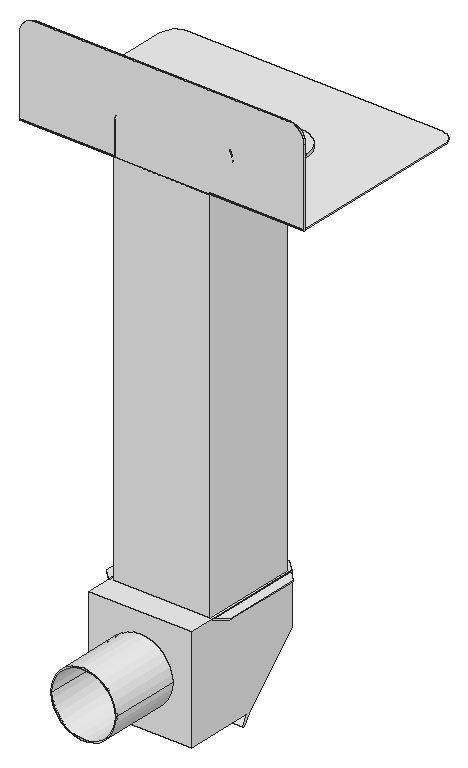
Revit family "Plumbing_Drainage_Menzies-Metal_Clamp-Tite_Box-Scupper_Aluminum", category Plumbing Fixtures, host Face, Revit 2018
Family settings
  Host = Face
  Round Connector Dimension = Use Diameter
  Part Type = Normal
  OmniClass Number = 23.70.50.21.24.11
  OmniClass Title = Roof Waste Water Drains
  Cut with Voids When Loaded = No
  Shared = No
  Room Calculation Point = No
Parameters (values of type "3" downspout")
  Weight = 3.80 lbf
  URL = "https://www.menzies-metal.com/flat-roofing/clamp-tite-aluminum-box-scupper/"
  Strainer Note [instance] = "Strainer kit sold separately."  # constant formula
  Strainer Kit [instance] = No Strainer Kit : None
  Product data url = "https://bimobject.com/menzies-metal/product/clamptite-boxscupper-aluminum"
  Product Material = Metal - Menzies Metal Products - Aluminum
  Product Guid = "08152c5e-c8c3-438a-bbad-224a288af54e"
  Pipe Diameter = 2 3/4"  # constant formula
  Model = "300-3315"
  Manufacturer = "Menzies Metal Products"  # constant formula
  Edition number = 1
  Drain Flow = 0 GPM
  Description = "Clamp-Tite Aluminum Box Scupper"
  Default Elevation = 4' - 0"
  Box Length Note = "Cut to suit wall depth."  # constant formula
  Box Length = 1' - 5"
  Assembly Code = "D2040200"
Types (2): name | Weight | Strainer Kit | Model
  3" downspout | 3.80 lbf | No Strainer Kit : None | "300-3315"
  3" downspout w/ strainer kit | 3.20 lbf | Plumbing_Drainage_Menzies-Metal_Strainer-Kit-for-Box-Scupper : Strainer Kit for Clamp-TiteBox Scupper | "300-3315 & 300-3199"
Reference planes (in)
  plane 1 "Center (Front/Back)": y = 0
  plane 2: z = 0
  plane 3 "Center (Left/Right)": x = 0
  plane 4: z = -17
  plane 5: x = -6
  plane 6: x = 6
  plane 7: x = -3
  plane 8: x = 3
Forms (in)
  Extrusion 1, solid, material "Metal - Menzies Metal Products - Aluminum" <- "Product Material", detail levels coarse
    sketch origin (0, 0, 0) x (1, 0, 0) y (0, 1, 0)
      loop
        line (-2.0365, 0.042) -> (2.0365, 0.042) -> (2.0365, 4.092) -> (-2.0365, 4.092) -> (-2.0365, 0.042)
    from -17 to 0
  Extrusion 2, solid, material "Metal - Menzies Metal Products - Aluminum" <- "Product Material", detail levels coarse
    sketch origin (0, 0, 0) x (0, 1, 0) y (0, 0, 1)
      loop
        line (0.063, 0) -> (8.094, 0) -> (8.094, 0.03125) -> (0.09425, 0.03125) -> (0.09425, 3.92) -> (0.063, 3.92) -> (0.063, 0)
    from -6 to 6
  Extrusion 3, solid, material "Metal - Menzies Metal Products - Aluminum", detail levels coarse
    sketch origin (0, 0, 0) x (0, 1, 0) y (0, 0, 1)
      loop
        line (0.209, 2.64613) -> (0.09425, 2.64613) -> (0.09425, 0.03125) -> (5.13413, 0.03125) -> (5.13413, 0.146) -> (0.209, 0.146) -> (0.209, 2.64613)
    from -3 to 3
  Extrusion 4, solid, material "Metal - Menzies Metal Products - Aluminum" <- "Product Material", detail levels medium+fine
    sketch origin (0, 0, 0) x (1, 0, 0) y (0, 1, 0)
      loop
        line (2.0365, 0.042) -> (2.0365, 4.092) -> (-2.0365, 4.092) -> (-2.0365, 0.042) -> (2.0365, 0.042)
      loop
        line (-2.00525, 4.06075) -> (-2.00525, 0.07325) -> (2.00525, 0.07325) -> (2.00525, 4.06075) -> (-2.00525, 4.06075)
    from -17 to 0
  Extrusion 5, solid, material "Metal - Menzies Metal Products - Aluminum" <- "Product Material", detail levels medium+fine
    sketch origin (0, 0, 0) x (1, 0, 0) y (0, 0, 1)
      loop
        arc (-5.375, 3.92) -> (-5.81694, 3.73694) -> (-6, 3.295) r 0.625
        line (-6, 3.295) -> (-6, 0) -> (6, 0) -> (6, 3.295)
        arc (6, 3.295) -> (5.81694, 3.73694) -> (5.375, 3.92) r 0.625
        line (5.375, 3.92) -> (-5.375, 3.92)
    from -0.09425 to -0.063
  Extrusion 6, solid, material "Metal - Menzies Metal Products - Aluminum" <- "Product Material", detail levels medium+fine
    sketch origin (0, 0, 0) x (1, 0, 0) y (0, 1, 0)
      loop
        line (-6, 0.063) -> (-2, 0.063) -> (-2, 4.06075) -> (2, 4.06075) -> (2, 0.063) -> (6, 0.063) -> (6, 7.469)
        arc (6, 7.469) -> (5.81694, 7.91094) -> (5.375, 8.094) r 0.625
        line (5.375, 8.094) -> (-5.375, 8.094)
        arc (-5.375, 8.094) -> (-5.81694, 7.91094) -> (-6, 7.469) r 0.625
        line (-6, 7.469) -> (-6, 0.063)
    from 0 to 0.03125
  Extrusion 7, solid, material "Metal - Menzies Metal Products - Aluminum", detail levels medium+fine
    sketch origin (0, 0, 0) x (1, 0, 0) y (0, 1, 0)
      loop
        arc (-1.75, 5.13413) -> (-2.63388, 4.76802) -> (-3, 3.88413) r 1.25
        line (-3, 3.88413) -> (-3, 0.209) -> (-1.99927, 0.209)
        arc (-1.99927, 0.209) -> (-1.93738, 0.39363) -> (-1.76181, 0.47785) r 0.25
        arc (-1.76181, 0.47785) -> (-1.48721, 0.60318) -> (-1.375, 0.8834) r 0.406
        line (-1.375, 0.8834) -> (-1.375, 1.38486)
        arc (-1.375, 1.38486) -> (-1.48721, 1.66508) -> (-1.76181, 1.79041) r 0.406
        arc (-1.76181, 1.79041) -> (-1.93091, 1.86758) -> (-2, 2.04013) r 0.25
        line (-2, 2.04013) -> (-2, 3.88413)
        arc (-2, 3.88413) -> (-1.92678, 4.06091) -> (-1.75, 4.13413) r 0.25
        line (-1.75, 4.13413) -> (-0.656, 4.13413)
        arc (-0.656, 4.13413) -> (-0.47922, 4.06091) -> (-0.406, 3.88413) r 0.25
        line (-0.406, 3.88413) -> (-0.406, 3.45013)
        arc (-0.406, 3.45013) -> (0.00001, 3.04413) -> (0.40601, 3.45013) r 0.40601
        line (0.40601, 3.45013) -> (0.40601, 3.88411)
        arc (0.40601, 3.88411) -> (0.47923, 4.06087) -> (0.65599, 4.13409) r 0.24998
        line (0.65599, 4.13409) -> (1.74992, 4.13409)
        arc (1.74992, 4.13409) -> (1.92664, 4.06089) -> (1.99983, 3.88417) r 0.24992
        line (1.99983, 3.88417) -> (1.99983, 2.04036)
        arc (1.99983, 2.04036) -> (1.93066, 1.86778) -> (1.76145, 1.79076) r 0.24986
        arc (1.76145, 1.79076) -> (1.48624, 1.66537) -> (1.37376, 1.38464) r 0.40656
        line (1.37376, 1.38464) -> (1.37376, 0.88115)
        arc (1.37376, 0.88115) -> (1.48625, 0.59972) -> (1.76174, 0.47336) r 0.40829
        arc (1.76174, 0.47336) -> (1.93615, 0.39066) -> (2.0014, 0.209) r 0.25288
        line (2.0014, 0.209) -> (3, 0.209) -> (3, 3.88413)
        arc (3, 3.88413) -> (2.63388, 4.76802) -> (1.75, 5.13413) r 1.25
        line (1.75, 5.13413) -> (-1.75, 5.13413)
    from 0.021 to 0.146
  Extrusion 8, solid, material "Metal - Menzies Metal Products - Aluminum", detail levels medium+fine
    sketch origin (0, 0, 0) x (1, 0, 0) y (0, 0, 1)
      loop
        arc (-1.75, 2.64613) -> (-2.63388, 2.28002) -> (-3, 1.39613) r 1.25
        line (-3, 1.39613) -> (-3, 0.03125) -> (-2, 0.03125) -> (-2, 1.39613)
        arc (-2, 1.39613) -> (-1.92678, 1.57291) -> (-1.75, 1.64613) r 0.25
        line (-1.75, 1.64613) -> (1.75, 1.64613)
        arc (1.75, 1.64613) -> (1.92678, 1.57291) -> (2, 1.39613) r 0.25
        line (2, 1.39613) -> (2, 0.03125) -> (3, 0.03125) -> (3, 1.39613)
        arc (3, 1.39613) -> (2.63388, 2.28002) -> (1.75, 2.64613) r 1.25
        line (1.75, 2.64613) -> (-1.75, 2.64613)
    from -0.209 to -0.084
  Extrusion 9, void
    sketch origin (0, 0, 0) x (1, 0, 0) y (0, 1, 0)
      loop
        line (2.0365, 4.092) -> (-2.0365, 4.092) -> (-2.0365, 0.042) -> (2.0365, 0.042) -> (2.0365, 4.092)
    from -17 to 0
Lines and regions (in)
  Masking region 1
    outline origin (0, 0, 0) x (1, 0, 0) y (0, 0, 1)
      loop
        arc (-5.375, 3.92) -> (-5.81694, 3.73694) -> (-6, 3.295) r 0.625
        line (-6, 3.295) -> (-6, 0) -> (-2.0365, 0) -> (-2.0365, -16) -> (2.0365, -16) -> (2.0365, 0) -> (6, 0) -> (6, 3.295)
        arc (6, 3.295) -> (5.81694, 3.73694) -> (5.375, 3.92) r 0.625
        line (5.375, 3.92) -> (-5.375, 3.92)
  symbolic lines, detail levels medium+fine
    curve 1: line (-6, 0, 0) -> (6, 0, 0)
    curve 2: line (6, 0, 0.03125) -> (-6, 0, 0.03125)
Dimensions and locks (in)
  "Box Length": host face to plane 4
  Extrusion 1 sketch curve to plane 3 "Center (Left/Right)" to Extrusion 1 sketch curve = 0' - 2.0365" locked, 0' - 2.0365" locked
  plane 1 "Center (Front/Back)" to Extrusion 1 sketch curve to Extrusion 1 sketch curve = 0' - 0.042" locked, 0' - 4.05" locked
  Extrusion 2 sketch curve to Extrusion 2 sketch curve to Extrusion 2 sketch curve to plane 1 "Center (Front/Back)" = 0' - 7.99975" locked, 0' - 0 1/32" locked, 0' - 0.063" locked
  Extrusion 2 sketch curve to Extrusion 2 sketch curve to level to Extrusion 2 sketch curve = 0' - 3.88875" locked, 0' - 0 1/32" locked, 0' - 0" locked
  equal spacing: plane 6, plane 3 "Center (Left/Right)", plane 5
  locked: plane 5 to plane 6 at 12
  Extrusion 3 sketch curve to Extrusion 3 sketch curve to Extrusion 2 to plane 1 "Center (Front/Back)" = 0' - 4.92513" locked, 0' - 0.11475" locked, 0' - 0.09425" locked
  Extrusion 3 sketch curve to Extrusion 3 sketch curve to Extrusion 3 sketch curve to plane 2 = 0' - 2.50013" locked, 0' - 0.11475" locked, 0' - 0 1/32" locked
  plane 8 to plane 3 "Center (Left/Right)" to plane 7 = 0' - 3" locked, 0' - 3" locked
  locked: plane 1 "Center (Front/Back)" to nested 1 at 4.06625
  equal spacing: Extrusion 6 sketch curve, plane 3 "Center (Left/Right)", Extrusion 6 sketch curve, locked at 2 each
  locked: Extrusion 6 sketch curve to plane 3 "Center (Left/Right)" at 2
  locked: Masking region 1 sketch curve to plane 4 at 1
  aligned and locked: plane 2 to host face
  aligned and locked: level to host face
  aligned and locked: Extrusion 1 to plane 4
  aligned and locked: plane 2 to Extrusion 1
  aligned and locked: plane 5 to Extrusion 2
  aligned and locked: Extrusion 2 to plane 6
  aligned and locked: plane 7 to Extrusion 3
  aligned and locked: Extrusion 3 to plane 8
  aligned and locked: plane 4 to nested 1
  aligned and locked: nested 1 to plane 3 "Center (Left/Right)"
  aligned and locked: host face to Extrusion 4
  aligned and locked: Extrusion 4 to plane 4
  aligned and locked: Extrusion 2 to Extrusion 5 sketch curve  (x2)
  aligned and locked: Extrusion 5 sketch curve to Extrusion 2
  aligned and locked: host face to Extrusion 5 sketch curve
  aligned and locked: Extrusion 5 to Extrusion 2  (x2)
  aligned and locked: Extrusion 6 sketch curve to plane 5
  aligned and locked: Extrusion 6 sketch curve to plane 6
  aligned and locked: Extrusion 2 to Extrusion 6 sketch curve
  aligned and locked: Extrusion 6 sketch curve to Extrusion 2
  aligned and locked: Extrusion 6 to Extrusion 2
  aligned and locked: Extrusion 2 to plane 2
  aligned and locked: Extrusion 8 to Extrusion 3
  aligned and locked: Masking region 1 sketch curve to Extrusion 5  (x3)
  aligned and locked: host face to Masking region 1 sketch curve  (x2)
  aligned and locked: Extrusion 4 to Masking region 1 sketch curve
  aligned and locked: Masking region 1 sketch curve to Extrusion 4
  aligned and locked: curve 1 to Extrusion 6
  aligned and locked: curve 2 to Extrusion 6
  aligned and locked: Extrusion 9 sketch curve to Extrusion 4  (x4)
  aligned and locked: Extrusion 9 to plane 4
  aligned and locked: level to Extrusion 9
Automatic sketch dimensions
  host sketch curve to host sketch curve = 8' - 0"  (x2)
  Extrusion 3 sketch curve to plane 1 "Center (Front/Back)" = 0' - 0.09425"
  plane 8 to Extrusion 4 sketch curve = 0' - 0.9635"
  Extrusion 4 sketch curve to plane 1 "Center (Front/Back)" = 0' - 4.092"
  Extrusion 4 sketch curve to plane 7 = 0' - 0.9635"
  Extrusion 4 sketch curve to plane 1 "Center (Front/Back)" = 0' - 0.042"
  Extrusion 4 sketch curve to Extrusion 4 sketch curve = 0' - 0 1/32"  (x4)
  Extrusion 5 sketch curve to plane 5 = 0' - 0 5/8"
  Extrusion 5 sketch curve to Extrusion 5 sketch curve = 0' - 0 5/8"
  Extrusion 6 sketch curve to Extrusion 6 sketch curve = 0' - 0 5/8"
  plane 6 to Extrusion 6 sketch curve = 0' - 0 5/8"
  Extrusion 6 sketch curve to Extrusion 6 sketch curve = 0' - 0"  (x2)
  Extrusion 6 sketch curve to Extrusion 6 sketch curve = 0' - 3.99775"
  Extrusion 7 sketch curve to Extrusion 7 sketch curve = 0' - 0"  (x3)
  Extrusion 7 sketch curve to plane 7 = 0' - 1"
  Extrusion 7 sketch curve to plane 1 "Center (Front/Back)" = 0' - 0.209"  (x2)
  Extrusion 7 sketch curve to plane 7 = 0' - 1.00073"
  Extrusion 7 sketch curve to Extrusion 7 sketch curve = 0' - 0.21827"
  Extrusion 7 sketch curve to Extrusion 7 sketch curve = 0' - 0.24927"
  Extrusion 7 sketch curve to Extrusion 7 sketch curve = 0' - 0 1/4"  (x2)
  Extrusion 7 sketch curve to Extrusion 7 sketch curve = 0' - 0.406"
  Extrusion 7 sketch curve to plane 3 "Center (Left/Right)" = 0' - 0.656"
  Extrusion 7 sketch curve to plane 3 "Center (Left/Right)" = 0' - 0.406"
  plane 3 "Center (Left/Right)" to Extrusion 7 sketch curve = 0' - 0"
  Extrusion 7 sketch curve to Extrusion 7 sketch curve = 0' - 0.24998"
  plane 3 "Center (Left/Right)" to Extrusion 7 sketch curve = 0' - 1.37376"
  Extrusion 7 sketch curve to Extrusion 7 sketch curve = 0' - 0.37504"
  Extrusion 7 sketch curve to Extrusion 7 sketch curve = 0' - 0.37621"
  Extrusion 7 sketch curve to Extrusion 7 sketch curve = 0' - 0.00008"
  Extrusion 7 sketch curve to Extrusion 7 sketch curve = 0' - 0.40656"
  Extrusion 7 sketch curve to Extrusion 7 sketch curve = 0' - 0.40829"
  Extrusion 7 sketch curve to Extrusion 7 sketch curve = 0' - 0.24983"
  Extrusion 7 sketch curve to plane 1 "Center (Front/Back)" = 0' - 0.22082"
  Extrusion 7 sketch curve to plane 1 "Center (Front/Back)" = 0' - 0.22813"
  Extrusion 7 sketch curve to Extrusion 7 sketch curve = 0' - 0.66033"
  Extrusion 7 sketch curve to Extrusion 7 sketch curve = 0' - 0.65527"  (x2)
  Extrusion 7 sketch curve to Extrusion 7 sketch curve = 0' - 0.50349"
  Extrusion 7 sketch curve to Extrusion 7 sketch curve = 0' - 0.50147"
  Extrusion 7 sketch curve to Extrusion 7 sketch curve = 0' - 0.65572"
  Extrusion 7 sketch curve to Extrusion 7 sketch curve = 0' - 1.40977"
  Extrusion 7 sketch curve to Extrusion 7 sketch curve = 0' - 0.43398"
  Extrusion 7 sketch curve to Extrusion 7 sketch curve = 0' - 0.434"
  Extrusion 7 sketch curve to Extrusion 7 sketch curve = 0' - 0.01294"
  Extrusion 7 sketch curve to plane 7 = 0' - 0"
  Extrusion 7 sketch curve to Extrusion 7 sketch curve = 0' - 0.00004"
  Extrusion 7 sketch curve to plane 8 = 0' - 0"
  Extrusion 8 sketch curve to Extrusion 8 sketch curve = 0' - 0"  (x4)
  plane 8 to Extrusion 8 sketch curve = 0' - 0"
  Extrusion 8 sketch curve to plane 7 = 0' - 1"
  Extrusion 8 sketch curve to Extrusion 8 sketch curve = 0' - 0 1/4"  (x2)
  level to Extrusion 8 sketch curve = 0' - 0 1/32"  (x2)
  Extrusion 8 sketch curve to Extrusion 8 sketch curve = 0' - 1.36488"
  plane 7 to Extrusion 8 sketch curve = 0' - 0"
Nested families (in)
  nested 1: "Catch Box" at (0, -0.03125, -16) x (1, 0, 0) z (0, 0, -1), type "Catch Box"
  nested 2: "No Strainer Kit" at (0, 0.084, 0) x (0, 1, 0) z (0, 0, 1), type <- "Strainer Kit", type "None"
Connectors (in)
  piping at (0, -4.06625, -18.2), diameter 2.75, driven by "Drain Flow", driven by "Pipe Diameter"
    settings: on nested 1, index 1, connector inside diameter 24", connector length 0' - 0", flow factor 0, pipe flow 0 GPM, pressure drop 0.00 psi, fitting loss kfactor 0, connector angle 0.00°, fixture units 0, engagement length 0' - 0", angle of deflection 0.00°, flow configuration 0, flow direction 2, fitting loss method 0, system type 22, joint type 0, gender type 0, connector reference index -1, connector utility 0, adjustable connector no, is connector primary yes, connector description "Drain Pipe Connection"
Definition of nested family "Catch Box"
  Parameters (values of type "Catch Box")
    Material = none
    Default Elevation = 4' - 0"
  Reference planes (in)
    plane 1 "Center (Front/Back)": y = 0
    plane 2: z = 0
    plane 3 "Center (Left/Right)": x = 0
    plane 4: z = 1
    plane 5: y = -4.035
    plane 6: x = -2.17
    plane 7: x = 2.17
  Forms (in)
    Extrusion 1, solid, material <- "Material"
      sketch origin (0, 0, 0) x (0, 1, 0) y (0, 0, 1)
        loop
          line (-1.06, 0) -> (4.694, 0) -> (4.694, 0.03125) -> (4.22, 0.03125) -> (4.22, 2.12355) -> (1.93515, 4.40841) -> (1.70103, 4.81391) -> (1.65258, 4.78595) -> (1.87541, 4.4) -> (-1.06, 4.4) -> (-1.06, 0)
      from -2.17 to 2.17
    Extrusion 2, solid, material <- "Material", detail levels coarse
      sketch origin (0, 0, 0) x (1, 0, 0) y (0, 0, 1)
        loop
          circle (0, 2.2) r 1.375
      from 1.06 to 4.035
    Extrusion 3, solid, material <- "Material"
      sketch origin (0, 0, 0) x (1, 0, 0) y (0, 1, 0)
        loop
          line (-2.614, 3.72) -> (-2.614, 0.465) -> (-2.17, 0.021) -> (-2.17, 4.164) -> (-2.614, 3.72)
        loop
          line (2.614, 3.72) -> (2.17, 4.164) -> (2.17, 0.021) -> (2.614, 0.465) -> (2.614, 3.72)
      from 0 to 0.03125
    Extrusion 4, solid, material <- "Material", detail levels medium+fine
      sketch origin (0, 0, 0) x (1, 0, 0) y (0, 0, 1)
        loop
          circle (0, 2.2) r 1.375
        loop
          circle (0, 2.2) r 1.33984
      from 1.06 to 4.035
    Extrusion 5, void
      sketch origin (0, 0, 0) x (1, 0, 0) y (0, 1, 0)
        loop
          line (-1.64, 4.694) -> (-2.17, 4.694) -> (-2.17, 4.164) -> (-1.64, 4.694)
        loop
          line (2.17, 4.2) -> (2.17, 4.694) -> (1.676, 4.694) -> (2.17, 4.2)
      from 0 to 12
  Cuts and joins
    Extrusion 5 cuts Extrusion 1
  Lines and regions (in)
    Masking region 1
      outline origin (0, 0, 0) x (1, 0, 0) y (0, 0, 1)
        loop
          line (-2.17, 4.81391) -> (-2.17, 0.03125) -> (-2.614, 0.03125) -> (-2.614, 0) -> (2.614, 0) -> (2.614, 0.03125) -> (2.17, 0.03125) -> (2.17, 4.81391) -> (-2.17, 4.81391)
    symbolic lines, detail levels medium+fine
      curve 1: line (2.17, 0, 4.4) -> (-2.17, 0, 4.4)
      curve 2: line (2.17, 0, 0.03125) -> (-2.17, 0, 0.03125)
  Dimensions and locks (in)
    locked: plane 4 to level at 1
    locked: plane 1 "Center (Front/Back)" to plane 5 at 4.035
    equal spacing: plane 7, plane 3 "Center (Left/Right)", plane 6, locked at 2.17 each
    locked: plane 7 to plane 6 at 4.34
    Extrusion 2 sketch curve to plane 3 "Center (Left/Right)" to Extrusion 2 sketch curve = 0' - 1 3/8" locked, 0' - 1 3/8" locked
    locked: Extrusion 2 sketch curve to level at 0.825
    aligned and locked: plane 2 to level
    aligned and locked: Extrusion 1 to plane 6
    aligned and locked: Extrusion 1 to plane 7
    aligned and locked: Extrusion 2 to Extrusion 1
    aligned and locked: plane 5 to Extrusion 2
    aligned and locked: Extrusion 3 to level
    aligned and locked: Extrusion 3 to Extrusion 1
    aligned and locked: Extrusion 4 sketch curve to Extrusion 2  (x2)
    aligned and locked: Extrusion 4 to Extrusion 1
    aligned and locked: plane 5 to Extrusion 4
    aligned and locked: plane 7 to Extrusion 5 sketch curve
    aligned and locked: Extrusion 5 sketch curve to plane 6
    aligned and locked: Extrusion 5 sketch curve to Extrusion 1
    aligned and locked: Extrusion 1 to Extrusion 5 sketch curve
    aligned and locked: Masking region 1 sketch curve to cut or joined group of Extrusion 1, Extrusion 5  (x3)
    aligned and locked: cut or joined group of Extrusion 1, Extrusion 5 to Masking region 1 sketch curve
    aligned and locked: Masking region 1 sketch curve to Extrusion 3  (x2)
    aligned and locked: Extrusion 3 to Masking region 1 sketch curve
    aligned and locked: curve 1 to cut or joined group of Extrusion 1, Extrusion 5
    aligned and locked: curve 2 to cut or joined group of Extrusion 1, Extrusion 5
  Automatic sketch dimensions
    Extrusion 1 sketch curve to level = 0' - 0"
    plane 1 "Center (Front/Back)" to Extrusion 1 sketch curve = 0' - 1.06"
    Extrusion 1 sketch curve to plane 1 "Center (Front/Back)" = 0' - 1.87541"
    plane 4 to Extrusion 1 sketch curve = 0' - 1.12355"
    Extrusion 1 sketch curve to Extrusion 1 sketch curve = 0' - 2.28485"
    level to Extrusion 1 sketch curve = 0' - 0 1/32"
    Extrusion 1 sketch curve to Extrusion 1 sketch curve = 0' - 0.474"
    plane 4 to Extrusion 1 sketch curve = 0' - 3.4"
    Extrusion 1 sketch curve to Extrusion 1 sketch curve = 0' - 0.00841"
    Extrusion 1 sketch curve to Extrusion 1 sketch curve = 0' - 0.22283"
    Extrusion 1 sketch curve to Extrusion 1 sketch curve = 0' - 0.04844"
    Extrusion 1 sketch curve to Extrusion 1 sketch curve = 0' - 0.02797"
    Extrusion 3 sketch curve to plane 6 = 0' - 0"
    Extrusion 3 sketch curve to plane 7 = 0' - 0"
    Extrusion 3 sketch curve to plane 6 = 0' - 0.444"
    Extrusion 3 sketch curve to plane 7 = 0' - 0.444"
    Extrusion 3 sketch curve to plane 1 "Center (Front/Back)" = 0' - 0.021"  (x2)
    Extrusion 3 sketch curve to plane 1 "Center (Front/Back)" = 0' - 0.465"  (x2)
    Extrusion 3 sketch curve to Extrusion 3 sketch curve = 0' - 3.255"  (x2)
    Extrusion 3 sketch curve to Extrusion 3 sketch curve = 0' - 0.444"  (x2)
    Extrusion 4 sketch curve to Extrusion 4 sketch curve = 0' - 0"  (x2)
    Extrusion 5 sketch curve to Extrusion 5 sketch curve = 0' - 0"  (x2)
    Extrusion 5 sketch curve to Extrusion 5 sketch curve = 0' - 0.53"  (x2)
    plane 7 to Extrusion 5 sketch curve = 0' - 0.494"
    Extrusion 5 sketch curve to Extrusion 5 sketch curve = 0' - 0.494"
    level to Masking region 1 sketch curve = 0' - 0 1/32"
    curve 1 to plane 6 = 0' - 0"
    curve 2 to plane 6 = 0' - 0"
    curve 1 to plane 7 = 0' - 0"
    level to curve 2 = 0' - 0 1/32"
    plane 7 to curve 2 = 0' - 0"
    plane 4 to curve 1 = 0' - 3.4"
    radius of Extrusion 4 sketch curve = 0' - 1 87/256"
Definition of nested family "No Strainer Kit"
  Reference planes (in)
    plane 1 "Center (Front/Back)": y = 0
    plane 2: z = 0
    plane 3 "Center (Left/Right)": x = 0
  Dimensions and locks (in)
    aligned and locked: level to plane 2
